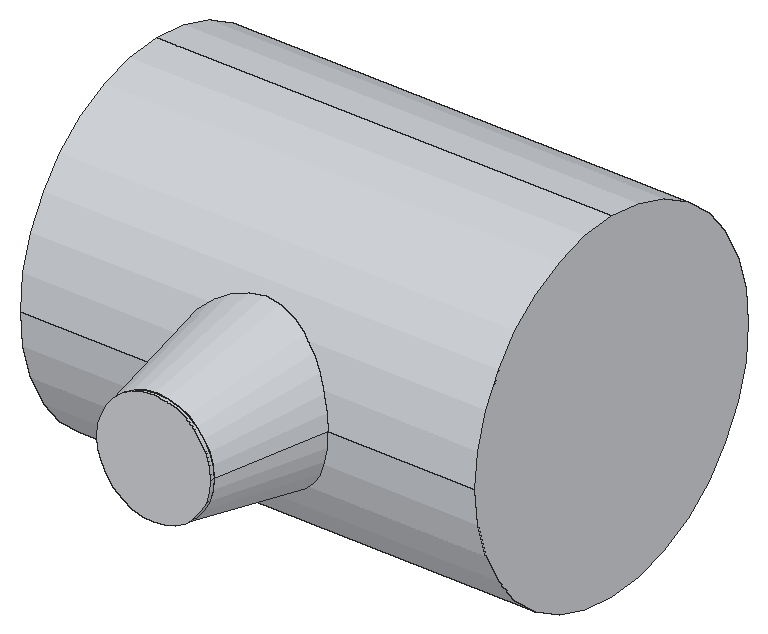
Revit family "801ac914a7fe44d68502c97d306e67e4", category Duct Fittings, Revit 2021
Family settings
  Round Connector Dimension = Use Radius
  Part Type = Tee
  OmniClass Number = 23.75.70.14
  OmniClass Title = Air Ductwork
  Seek Item ID = Round Tee - Conical-0000-USA-ENU
  Work Plane-Based = No
  Always vertical = Yes
  Cut with Voids When Loaded = No
  Shared = No
Parameters (values of type "Standard")
  Taper3 [instance] = 2"
  Stub [instance] = 1/8"
  R3 Body [instance] = if(Duct Radius 3 + Taper3 > Duct Radius 1, Duct Radius 3, Duct Radius 3 + Taper3)  # 4"
  Duct Radius 3 [instance] = 2"
  Duct Radius 1 [instance] = 6"
  Duct Diameter 3 [instance] = 2 * Duct Radius 3  # 4"
  Duct Length [instance] = Duct Radius 1 + Shoulder  # 8"
  Duct Diameter 1 [instance] = 2 * Duct Radius 1  # 12"
  Shoulder [instance] = 2"
  Default Elevation = 0' - 0"
  Cone Length [instance] = Duct Radius 1 + Cone Extension  # 10"
  Cone Extension [instance] = 4"
  Assembly Code = ""
Reference planes (in)
  plane 1 "Center (Front/Back)": y = 0
  plane 2: z = 0
  plane 3 "Center (Left/Right)": x = 0
  plane 4: x = -8
  plane 5: x = 8
  plane 6: y = -10
  plane 7: y = -10.125
Forms (in)
  Sweep 1, solid, detail levels medium+fine
    path in 3D
      loop
        line (-8, 0, 0) -> (8, 0, 0)
    profile "Duct - Round : Duct - Round 1" origin (0, 0, 0) x (0, 1, 0) y (0, 0, 1)
      loop
        arc (-6, 0) -> (-4.24264, -4.24264) -> (0, -6) r 6
        arc (0, -6) -> (4.24264, -4.24264) -> (6, 0) r 6
        arc (6, 0) -> (4.24264, 4.24264) -> (0, 6) r 6
        arc (0, 6) -> (-4.24264, 4.24264) -> (-6, 0) r 6
  Blend 2, solid, detail levels medium+fine
    base sketch origin (0, 0, 0) x (1, 0, 0) y (0, 0, 1)
      loop
        circle (0, 0) r 4
    top sketch origin (0, 0, 0) x (1, 0, 0) y (0, 0, 1)
      loop
        circle (0, 0) r 2
    from 0 to 10 <- "Cone Length"
  Sweep 3, solid, detail levels medium+fine
    path in 3D
      loop
        line (0, -10, 0) -> (0, -10.125, 0)
    profile "Duct - Round : Duct - Round 3" origin (0, -10.0625, 0) x (1, 0, 0) y (0, 0, 1)
      loop
        arc (-2, 0) -> (-1.41421, -1.41421) -> (0, -2) r 2
        arc (0, -2) -> (1.41421, -1.41421) -> (2, 0) r 2
        arc (2, 0) -> (1.41421, 1.41421) -> (0, 2) r 2
        arc (0, 2) -> (-1.41421, 1.41421) -> (-2, 0) r 2
Cuts and joins
  joined: Sweep 1, Blend 2
Lines and regions (in)
  reference lines
    curve 1: line (-8, 0, 0) -> (8, 0, 0)
    curve 2: line (0, -10, 0) -> (0, 0, 0)
    curve 6: line (0, -10, 0) -> (0, -10.125, 0)
  sketch lines
    curve 3: line (-8, 0, 0) -> (8, 0, 0)
    curve 8: line (0, -10, 0) -> (0, -10.125, 0)
  model lines, style "DuctFitting", detail levels coarse
    curve 4: line (-8, 0, 0) -> (8, 0, 0)
    curve 5: line (0, -10, 0) -> (0, 0, 0)
    curve 7: line (0, -10, 0) -> (0, -10.125, 0)
Dimensions and locks (in)
  "Cone Length": plane 6 to plane 1 "Center (Front/Back)"
  "Duct Length": plane 4 to plane 3 "Center (Left/Right)"
  "Duct Length": plane 3 "Center (Left/Right)" to plane 5
  "Stub": plane 6 to plane 7
  "R3 Body": radius of Blend 2 sketch curve
  "Duct Radius 3": radius of Blend 2 sketch curve
  aligned and locked: plane 4 to curve 1
  aligned and locked: plane 5 to curve 1
  aligned and locked: plane 1 "Center (Front/Back)" to curve 1
  aligned and locked: plane 1 "Center (Front/Back)" to curve 2
  aligned and locked: curve 2 to plane 3 "Center (Left/Right)"
  aligned and locked: curve 4 to curve 1
  aligned and locked: curve 5 to curve 2
  aligned and locked: plane 3 "Center (Left/Right)" to Blend 2 sketch curve  (x2)
  aligned and locked: plane 2 to Blend 2 sketch curve  (x2)
  aligned and locked: plane 6 to curve 6
  aligned and locked: plane 7 to curve 6
  aligned and locked: plane 6 to curve 7
  aligned and locked: plane 7 to curve 7
  aligned and locked: Blend 2 to plane 1 "Center (Front/Back)"
  aligned and locked: Blend 2 to plane 6
  aligned and locked: plane 5 to curve 4
  aligned and locked: plane 4 to curve 4
Connectors (in)
  hvac at (-8, 0, 0), driven by "Duct Radius 1"
    settings: on cut or joined group of Sweep 1, Blend 2, index 1, duct flow 0 CFM, flow factor 0, pres drop 0.00 in-wg, loss coef 0, conn angle 0.00°, conn width 12", conn height 12", conn diameter 12", duct sys type 28, conn prof type 0, flow config 0, flow direction 0, loss method 0, conn ref index 2, conn util no, is conn primary yes, conn desc ""
  hvac at (8, 0, 0), driven by "Duct Radius 1"
    settings: on cut or joined group of Sweep 1, Blend 2, index 2, duct flow 0 CFM, flow factor 0, pres drop 0.00 in-wg, loss coef 0, conn angle 0.00°, conn width 12", conn height 12", conn diameter 12", duct sys type 28, conn prof type 0, flow config 0, flow direction 0, loss method 0, conn ref index 1, conn util no, is conn primary no, conn desc ""
  hvac at (0, -10.125, 0), driven by "Duct Radius 3"
    settings: on Sweep 3, index 3, duct flow 0 CFM, flow factor 0, pres drop 0.00 in-wg, loss coef 0, conn angle 0.00°, conn width 12", conn height 12", conn diameter 4", duct sys type 28, conn prof type 0, flow config 0, flow direction 0, loss method 0, conn ref index -1, conn util no, is conn primary no, conn desc ""
